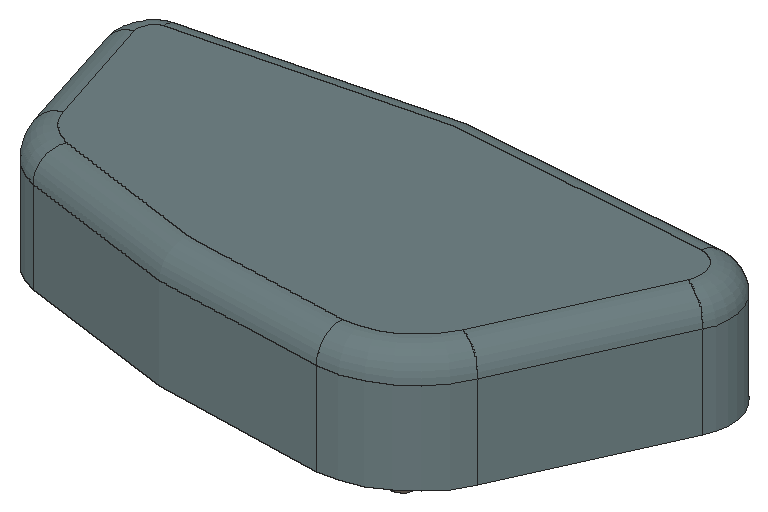
Revit family "FU_Modular_Sandler_Flow 06051", category Furniture, Revit 2022
Family settings
  OmniClass Number = 23.40.20.00
  OmniClass Title = General Furniture and Specialties
  Work Plane-Based = No
  Always vertical = Yes
  Cut with Voids When Loaded = No
  Render Appearance Source = Family Geometry
  Shared = No
  Room Calculation Point = No
Parameters (values of type "Flow 06051")
  Width = 2130 mm
  URL = "https://www.sandlerseating.com/product/flow-06051/"
  Shell [instance] = Fabric - X2 - Polygon AK002
  Model = "Flow 06051"
  Manufacturer = "Sandler"
  Height = 450 mm
  Description = "Right-hand seat in the Flow modular seating series. Irregular shape with no backrest. Comfortable webbed seat."
  Depth = 1150 mm
  Default Elevation = 0 mm
Reference planes
  plane 1 "Center (Front/Back)": y = 0
  plane 2: z = 0
  plane 3 "Center (Left/Right)": x = 0
  plane 4 "Right": x = -1065
  plane 5 "Left": x = 1065
  plane 6 "Back": y = 575
  plane 7 "Front": y = -575
  plane 8 "Height": z = 450
  plane 9 "Seat Base": z = 50
Forms (mm)
  Extrusion 1, solid, material "Wood - Beech - Wenge"
    sketch origin (4.7, 2.795, 0) x (-1, 0, 0) y (0, -1, 0)
      loop
        circle (-530.463, 414.937) r 40
      loop
        circle (-917.157, -302.792) r 40
      loop
        circle (944.431, -401.307) r 40
      loop
        circle (777.154, 159.036) r 40
    from 0 to 55
  Extrusion 2, solid, material "Fabric - X2 - Polygon AK002" <- "Shell"
    sketch origin (0, 0, 50) x (1, 0, 0) y (0, 1, 0)
      loop
        line (738.548, -362.816) -> (1020.063, 191.18)
        arc (1020.063, 191.18) -> (1021.949, 364.044) -> (885.722, 470.476) r 195
        arc (885.722, 470.476) -> (-16.169, 575.475) -> (-922.502, 520.783) r 5160.671
        arc (-922.502, 520.783) -> (-1022.545, 456.552) -> (-1040.925, 339.095) r 145
        line (-1040.925, 339.095) -> (-921.557, -96.999)
        arc (-921.557, -96.999) -> (-862.424, -207.216) -> (-761.201, -280.688) r 280
        arc (-761.201, -280.688) -> (-203.219, -467.579) -> (377.298, -563.865) r 3708.81
        arc (377.298, -563.865) -> (588.623, -518.503) -> (738.548, -362.816) r 370
    from 0 to 400
  Sweep 3, void
    path in 3D
      loop
        arc (1020.063, 191.18, 450) -> (1021.949, 364.044, 450) -> (885.722, 470.476, 450) r 195
        arc (885.722, 470.476, 450) -> (-16.169, 575.475, 450) -> (-922.502, 520.783, 450) r 5160.671
        arc (-922.502, 520.783, 450) -> (-1022.545, 456.552, 450) -> (-1040.925, 339.095, 450) r 145
        line (-1040.925, 339.095, 450) -> (-921.557, -96.999, 450)
        arc (-921.557, -96.999, 450) -> (-862.424, -207.216, 450) -> (-761.201, -280.688, 450) r 280
        arc (-761.201, -280.688, 450) -> (-203.219, -467.579, 450) -> (377.298, -563.865, 450) r 3708.81
        arc (377.298, -563.865, 450) -> (588.623, -518.503, 450) -> (738.548, -362.816, 450) r 370
        line (738.548, -362.816, 450) -> (1020.063, 191.18, 450)
    profile "Pro_edgeCut_95mm : Pro_edgeCut_95mm" origin (879.306, -85.818, 450) x (-0.891501, 0.453019, 0) y (0, 0, 1)
      loop
        line (95, 0) -> (95, 48) -> (-48, 48) -> (-48, -95) -> (0, -95)
        arc (0, -95) -> (27.825, -27.825) -> (95, 0) r 95
Cuts and joins
  Sweep 3 cuts Extrusion 2
Lines and regions (mm)
  sketch lines
    curve 1: line (738.548, -362.816, 450) -> (1020.063, 191.18, 450)
    curve 2: arc (738.548, -362.816, 450) -> (588.623, -518.503, 450) -> (377.298, -563.865, 450) r 370
    curve 3: arc (377.298, -563.865, 450) -> (-203.219, -467.579, 450) -> (-761.201, -280.688, 450) r 3708.81
    curve 4: arc (-761.201, -280.688, 450) -> (-862.424, -207.216, 450) -> (-921.557, -96.999, 450) r 280
    curve 5: line (-1040.925, 339.095, 450) -> (-921.557, -96.999, 450)
    curve 6: arc (-1040.925, 339.095, 450) -> (-1022.545, 456.552, 450) -> (-922.502, 520.783, 450) r 145
    curve 7: arc (-922.502, 520.783, 450) -> (-16.169, 575.475, 450) -> (885.722, 470.476, 450) r 5160.671
    curve 8: arc (885.722, 470.476, 450) -> (1021.949, 364.044, 450) -> (1020.063, 191.18, 450) r 195
Dimensions and locks
  equal spacing: plane 6 "Back", plane 1 "Center (Front/Back)", plane 7 "Front"
  "Depth": plane 6 "Back" to plane 7 "Front"
  equal spacing: plane 4 "Right", plane 3 "Center (Left/Right)", plane 5 "Left"
  "Width": plane 4 "Right" to plane 5 "Left"
  "Height": plane 8 "Height" to level
  aligned and locked: level to plane 2
Automatic sketch dimensions
  Extrusion 1 sketch curve to plane 5 "Left" = 143.143 mm
  plane 7 "Front" to Extrusion 1 sketch curve = 162.858 mm
  Extrusion 1 sketch curve to plane 5 "Left" = 529.837 mm
  plane 4 "Right" to Extrusion 1 sketch curve = 292.546 mm
  plane 4 "Right" to Extrusion 1 sketch curve = 125.269 mm
  plane 1 "Center (Front/Back)" to Extrusion 1 sketch curve = 156.241 mm
  Extrusion 1 sketch curve to plane 6 "Back" = 269.413 mm
  Extrusion 1 sketch curve to plane 6 "Back" = 170.898 mm
  plane 4 "Right" to Extrusion 2 sketch curve = 24.075 mm
  plane 4 "Right" to Extrusion 2 sketch curve = 143.443 mm
  Extrusion 2 sketch curve to Extrusion 2 sketch curve = 139.855 mm
  plane 1 "Center (Front/Back)" to Extrusion 2 sketch curve = 23.076 mm
  Extrusion 2 sketch curve to Extrusion 2 sketch curve = 270.066 mm
  Extrusion 2 sketch curve to plane 3 "Center (Left/Right)" = 159.69 mm
  plane 1 "Center (Front/Back)" to Extrusion 2 sketch curve = 195.199 mm
  plane 3 "Center (Left/Right)" to Extrusion 2 sketch curve = 408.693 mm
  Extrusion 2 sketch curve to plane 5 "Left" = 373.009 mm
  Extrusion 2 sketch curve to plane 5 "Left" = 326.452 mm
  Extrusion 2 sketch curve to plane 5 "Left" = 218.78 mm
  Extrusion 2 sketch curve to plane 5 "Left" = 44.937 mm
  plane 7 "Front" to Extrusion 2 sketch curve = 212.184 mm
  Extrusion 2 sketch curve to plane 7 "Front" = 4008.2 mm
  plane 1 "Center (Front/Back)" to Extrusion 2 sketch curve = 96.999 mm
  Extrusion 2 sketch curve to plane 1 "Center (Front/Back)" = 191.18 mm
  Extrusion 2 sketch curve to Extrusion 2 sketch curve = 88.339 mm
  Extrusion 2 sketch curve to plane 6 "Back" = 235.905 mm
  Extrusion 2 sketch curve to Extrusion 2 sketch curve = 38.281 mm
  plane 6 "Back" to Extrusion 2 sketch curve = 2556.57 mm
  Extrusion 2 sketch curve to Extrusion 2 sketch curve = 0 mm  (x2)
  radius of Extrusion 1 sketch curve = 40 mm  (x4)
